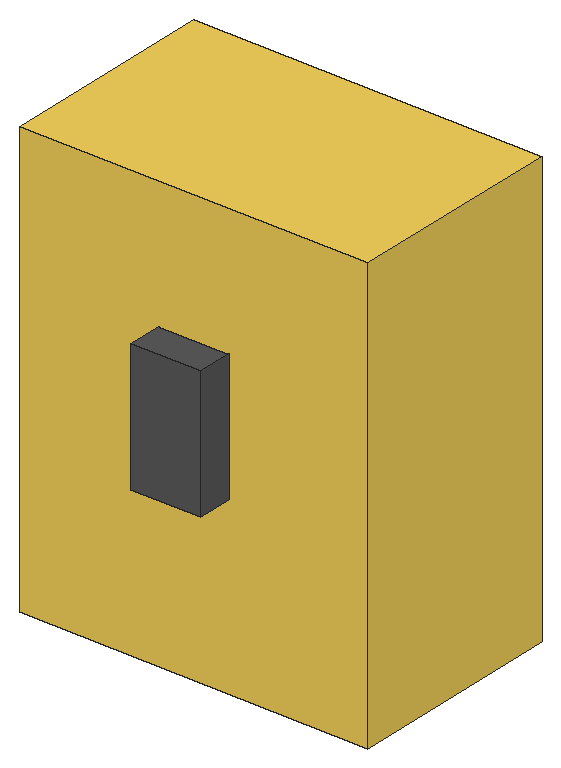
Revit family "BD_Tap-Off Unit MCCB", category Electrical Equipment, Revit 2025
Family settings
  Panel Configuration = Two Columns, Circuits Across
  Round Connector Dimension = Use Diameter
  Part Type = Panelboard
  OmniClass Number = 23.80.30.11.17
  OmniClass Title = Distribution Boards and Control Panels
  Work Plane-Based = No
  Always vertical = Yes
  Cut with Voids When Loaded = No
  Maintain Annotation Orientation = No
  Shared = No
  Room Calculation Point = No
Parameters (values of type "MCCB 250A 4P")
  built-in parameter 1140142 [instance] = -1
  built-in parameter 1140140 [instance] = 1 (stored number, unit not read)
  built-in parameter 1155100 [instance] = -1
  Default Elevation = 0 mm
Reference planes
  plane 1 "Center (Front/Back)": y = 0
  plane 2: z = 0
  plane 3 "Center (Left/Right)": x = 0
Forms (mm)
  Extrusion 1, solid, material "Tap-Off Box - Yellow"
    sketch origin (0, 0, -500) x (1, 0, 0) y (0, 1, 0)
      loop
        line (-200, -250) -> (200, -250) -> (200, 0) -> (-200, 0) -> (-200, -250)
    from 0 to 500
  Extrusion 2, solid, material "Tap-Off Handle - Black"
    sketch origin (0, 0, -300) x (1, 0, 0) y (0, 1, 0)
      loop
        line (-40, -290) -> (40, -290) -> (40, -250) -> (-40, -250) -> (-40, -290)
    from 0 to 150
Dimensions and locks
  aligned and locked: level to plane 2
